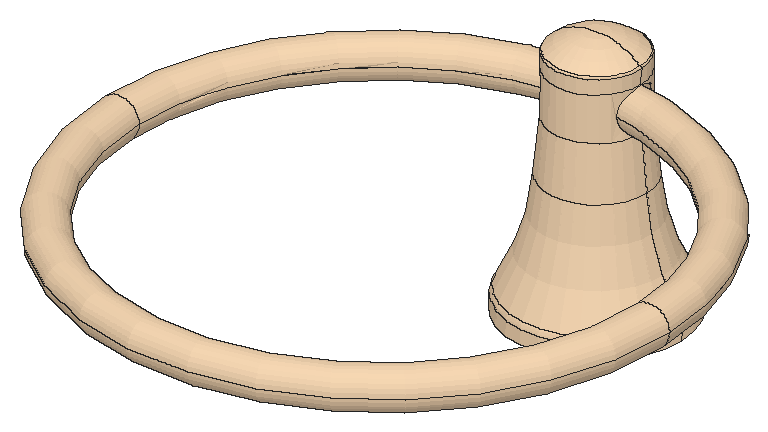
Revit family "Accessory-Towel_Ring-KOHLER-Tempered-K-21955_1", category Specialty Equipment, host Face, Revit 2022
Family settings
  Host = Face
  Round Connector Dimension = Use Diameter
  Part Type = Normal
  OmniClass Number = 23.31.25.25
  OmniClass Title = Towel Bars
  Cut with Voids When Loaded = No
  Maintain Annotation Orientation = No
  Shared = No
  Room Calculation Point = No
Parameters (values of type "2MB-Vibrant Brushed Moderne Brass")
  Width = 6 57/64"  # constant formula
  WaterSense Certified = 1 = 0  # no
  URL = "https://www.us.kohler.com/us/"
  Type = 1
  Product Page URL = "https://www.us.kohler.com/us/catalog/productDetails.jsp?productId=21955"
  Product Name = "Tempered"  # constant formula
  Product Documentation Link = "https://www.us.kohler.com/webassets/kpna/catalog/pdf/en/K-21955_spec_US-CA_Kohler_en.pdf"
  Model = if(Type = 1, "K-21955-2MB", if(Type = 2, "K-21955-BL", if(Type = 3, "K-21955-BN", if(Type = 4, "K-21955-CP", if(Type = 5, "K-21955-SN", "NA")))))  # "K-21955-2MB"
  Material = "Premium Metal Construction"  # constant formula
  Master Format 2014 Name = "Toilet, Bath, and Laundry Accessories"  # constant formula
  Master Format 2014 = "10 28 00"  # constant formula
  Manufacturer Address = "444 Highland Dr, Kohler, WI 53044"  # constant formula
  Manufacturer = "Kohler Co."  # constant formula
  Length = 2 127/128"  # constant formula
  Height = 7 133/256"  # constant formula
  Finish = Kohler-Metal-2MB-Vibrant_Brushed_Moderne_Brass
  Environmental Product Declaration = ""
  Description = "Towel Ring"  # constant formula
  Default Elevation = 42"
  Declare Label = ""
  Date Modified = "04/04/2022"  # constant formula
  Date Created = "04/04/2022"  # constant formula
  Copyright = "Copyright Kohler Co."  # constant formula
  Contact Us = "https://www.us.kohler.com/us/static/contact.jsp"
  Assembly Code = "C1030200"
  ADA Compliant = 1 = 0  # no
Types (6): name | Type | Model | Finish
  (no name) | 1 | "K-21955-2MB" | Kohler-Metal-2MB-Vibrant_Brushed_Moderne_Brass
  CP-Polished Chrome | 4 | "K-21955-CP" | Kohler-Metal-CP-Polished_Chrome
  SN-Vibrant Polished Nickel | 5 | "K-21955-SN" | Kohler-Metal-SN-Vibrant_Polished_Nickel
  BN-Vibrant Brushed Nickel | 3 | "K-21955-BN" | Kohler-Metal-BN-Vibrant_Brushed_Nickel
  BL-Matte Black | 2 | "K-21955-BL" | Kohler-Metal-BL-Matte_Black
  2MB-Vibrant Brushed Moderne Brass | 1 | "K-21955-2MB" | Kohler-Metal-2MB-Vibrant_Brushed_Moderne_Brass
Reference planes (in)
  plane 1 "Center (Front/Back)": y = 0
  plane 2: z = 0
  plane 3 "Center (Left/Right)": x = 0
  plane 4: x = -1.02362
  plane 5: x = 3.44488
  plane 6: y = -6.49606
  plane 7: x = 1.02362
  plane 8: x = -3.44574
  plane 9: z = 2.99219
  plane 10: y = 1.02347
  plane 11: y = -1.02362
Dimensions and locks (in)
  "Width": plane 8 to plane 5
  "Length": plane 9 to level
  "Height": plane 6 to plane 10
  aligned and locked: plane 2 to host face
  aligned and locked: level to host face
  aligned and locked: plane 3 "Center (Left/Right)" to nested 1
  aligned and locked: plane 1 "Center (Front/Back)" to nested 1
Automatic sketch dimensions
  host sketch curve to host sketch curve = 96"  (x2)
Nested families (in)
  nested 1: "K-21955" at (0, 0, 0), type "K-21955"
Definition of nested family "K-21955"
  Parameters (values of type "K-21955")
    Material = none
    Default Elevation = 0"
  Reference planes (in)
    plane 1 "Center (Front/Back)": y = 0
    plane 2: z = 0
    plane 3 "Center (Left/Right)": x = 0
    plane 4: x = -1.02362
    plane 5: x = 1.02362
    plane 6: x = -3.44488
    plane 7: x = 3.44488
    plane 8: y = -6.64216
    plane 9: y = 1.02362
    plane 10: z = 2.99213
    plane 11: y = -1.02362
  Forms (in)
    Revolve 1, solid, material <- "Material", detail levels medium+fine
      sketch origin (0, 0, 0) x (1, 0, 0) y (0, 0, 1)
        loop
          line (0, 2.99213) -> (0, 0) -> (1.02362, 0)
          arc (1.02362, 0) -> (1.02353, 0.08004) -> (1.01783, 0.15987) r 1.14356
          arc (1.01783, 0.15987) -> (1.00875, 0.20138) -> (0.9909, 0.23993) r 0.19495
          arc (0.9909, 0.23993) -> (0.72568, 0.82256) -> (0.60124, 1.4505) r 2.77083
          arc (0.60124, 1.4505) -> (0.57385, 1.76583) -> (0.54219, 2.08076) r 23.32082
          arc (0.54219, 2.08076) -> (0.52693, 2.34131) -> (0.53697, 2.60211) r 2.69187
          arc (0.53697, 2.60211) -> (0.54112, 2.68657) -> (0.53887, 2.77109) r 1.11586
          arc (0.53887, 2.77109) -> (0.53493, 2.78588) -> (0.52565, 2.79805) r 0.03937
          arc (0.52565, 2.79805) -> (0.28099, 2.9443) -> (0, 2.99213) r 0.77442
        axis (0, 2.99213) -> (0, 0)
      angle from 0 to 360
    Sweep 2, solid, material <- "Material", detail levels medium+fine
      path origin (0, 0, 0) x (1, 0, 0) y (0, 1, 0)
        loop
          circle (0, -3.20866) r 3.20866
      profile origin (0, 0, 0) x (0, -1, 0) y (0, 0, 1)
        loop
          circle (0, 2.34357) r 0.23622
    Revolve 3, solid, material <- "Material", detail levels coarse
      sketch origin (0, 0, 0) x (1, 0, 0) y (0, 0, 1)
        loop
          line (0, 0) -> (0, 2.99213) -> (-0.55041, 2.99213) -> (-0.55041, 2.79995) -> (-1.02362, 0.29002) -> (-1.02362, 0) -> (0, 0)
        axis (0, 2.99213) -> (0, 0)
      angle from 0 to 360
    Sweep 4, solid, material <- "Material", detail levels coarse
      path origin (0, 0, 0) x (1, 0, 0) y (0, 1, 0)
        loop
          circle (0, -3.20879) r 3.20879
      profile origin (0, 0, 0) x (0, -1, 0) y (0, 0, 1)
        loop
          circle (0, 2.3418) r 0.23622
    Revolve 5, void
      sketch origin (0, 0, 0) x (1, 0, 0) y (0, 0, 1)
        loop
          line (-0.24037, 2.34362) -> (-0.24037, 2.59869) -> (-0.63407, 2.59869) -> (-0.63407, 2.34362) -> (-0.24037, 2.34362)
        loop
          line (0.24037, 2.34362) -> (0.63407, 2.34362) -> (0.63407, 2.59869) -> (0.24037, 2.59869) -> (0.24037, 2.34362)
        axis (-0.63407, 2.34362) -> (0.63407, 2.34362)
      angle from 0 to 360
  Cuts and joins
    Revolve 5 cuts Revolve 1
    joined: Revolve 1, Sweep 2
    joined: Revolve 3, Sweep 4
  Lines and regions (in)
    Masking region 1
      outline origin (0, 0, 0) x (0, 1, 0) y (0, 0, 1)
        loop
          arc (1.02362, 0) -> (1.02344, 0.07525) -> (1.01734, 0.15025) r 0.95603
          arc (1.01734, 0.15025) -> (1.0085, 0.18081) -> (0.99257, 0.20835) r 0.13143
          arc (0.99257, 0.20835) -> (0.9501, 0.27202) -> (0.91517, 0.34011) r 0.66912
          arc (0.91517, 0.34011) -> (0.64467, 1.16999) -> (0.54719, 2.03739) r 4.30305
          arc (0.54719, 2.03739) -> (0.54526, 2.3954) -> (0.54683, 2.75341) r 36.54882
          arc (0.54683, 2.75341) -> (0.53913, 2.7881) -> (0.51697, 2.81588) r 0.07874
          arc (0.51697, 2.81588) -> (0.00001, 2.99213) -> (-0.51235, 2.8029) r 0.81617
          arc (-0.51235, 2.8029) -> (-0.53212, 2.7781) -> (-0.5405, 2.74752) r 0.07874
          arc (-0.5405, 2.74752) -> (-0.54381, 2.66276) -> (-0.54274, 2.57793) r 1.64189
          line (-0.54274, 2.57793) -> (-6.40545, 2.57793)
          arc (-6.40545, 2.57793) -> (-6.64152, 2.34185) -> (-6.40545, 2.10578) r 0.23608
          line (-6.40545, 2.10578) -> (-0.54719, 2.10578) -> (-0.54719, 2.06702)
          arc (-0.54719, 2.06702) -> (-0.64467, 1.19963) -> (-0.91517, 0.36975) r 4.30305
          arc (-0.91517, 0.36975) -> (-0.9501, 0.30165) -> (-0.99257, 0.23799) r 0.66912
          arc (-0.99257, 0.23799) -> (-1.0085, 0.21045) -> (-1.01734, 0.17988) r 0.13143
          arc (-1.01734, 0.17988) -> (-1.02414, 0.09007) -> (-1.02362, 0) r 1.10708
          line (-1.02362, 0) -> (1.02362, 0)
    Masking region 2
      outline origin (0, 0, 0) x (1, 0, 0) y (0, 1, 0)
        loop
          arc (-0.95371, -0.37589) -> (-0.00994, -6.15746) -> (0.93384, -0.37589) r 2.96781
          arc (0.93384, -0.37589) -> (-0.00994, -1.02518) -> (-0.95371, -0.37589) r 1.01056
        loop
          arc (-1.01846, 0.11006) -> (-0.00083, -6.64216) -> (1.01681, 0.11006) r 3.4528
          arc (1.01681, 0.11006) -> (-0.00083, 1.02862) -> (-1.01846, 0.11006) r 1.02298
    Masking region 3
      outline origin (-0.00044, 0, 0) x (1, 0, 0) y (0, 0, 1)
        loop
          arc (1.02362, 0) -> (1.02406, 0.08813) -> (1.01388, 0.17568) r 0.7307
          arc (1.01388, 0.17568) -> (1.0039, 0.21295) -> (0.98772, 0.24798) r 0.22584
          arc (0.98772, 0.24798) -> (0.72781, 0.84807) -> (0.60444, 1.49029) r 2.99292
          arc (0.60444, 1.49029) -> (0.57646, 1.79958) -> (0.54235, 2.10825) r 15.67692
          line (0.54235, 2.10825) -> (3.20995, 2.10825)
          arc (3.20995, 2.10825) -> (3.44532, 2.34362) -> (3.20995, 2.57898) r 0.23537
          line (3.20995, 2.57898) -> (0.53838, 2.57898) -> (0.53838, 2.75342)
          arc (0.53838, 2.75342) -> (0.52748, 2.79877) -> (0.49715, 2.83422) r 0.09979
          arc (0.49715, 2.83422) -> (0.2613, 2.95324) -> (0, 2.99213) r 0.83004
          arc (0, 2.99213) -> (-0.2613, 2.95324) -> (-0.49715, 2.83422) r 0.83004
          arc (-0.49715, 2.83422) -> (-0.52748, 2.79877) -> (-0.53838, 2.75342) r 0.09979
          line (-0.53838, 2.75342) -> (-0.53838, 2.57898) -> (-3.20908, 2.57898)
          arc (-3.20908, 2.57898) -> (-3.44445, 2.34362) -> (-3.20908, 2.10825) r 0.23537
          line (-3.20908, 2.10825) -> (-0.54235, 2.10825)
          arc (-0.54235, 2.10825) -> (-0.57646, 1.79958) -> (-0.60444, 1.49029) r 15.67692
          arc (-0.60444, 1.49029) -> (-0.72781, 0.84807) -> (-0.98772, 0.24798) r 2.99292
          arc (-0.98772, 0.24798) -> (-1.0039, 0.21295) -> (-1.01388, 0.17568) r 0.22584
          arc (-1.01388, 0.17568) -> (-1.02254, 0.08805) -> (-1.02362, 0) r 1.02111
          line (-1.02362, 0) -> (1.02362, 0)
    symbolic lines, detail levels medium+fine
      curve 1: line (0, 0.97149, 0.23799) -> (0, -0.99257, 0.23799)
      curve 2: circle (0, 0, 0) r 0.55041 normal (0, 0, 1)
      curve 3: arc (-0.91787, 0.13942, 0) -> (0.00545, 0.94245, 0) -> (0.92665, 0.13699, 0) r 0.93092
      curve 4: arc (-0.864, -0.34738, 0) -> (0.00007, -0.94244, 0) -> (0.86942, -0.3551, 0) r 0.93092
      curve 5: line (0.53257, 0, 2.7857) -> (-0.53345, 0, 2.7857)
      curve 6: line (0.99287, 0, 0.23756) -> (-0.99374, 0, 0.23756)
      curve 7: line (0, 0.54683, 2.75341) -> (0, -0.54011, 2.75341)
      curve 8: line (0, -0.54011, 2.5799) -> (0, -0.0074, 2.5799)
      curve 9: line (0, -0.54719, 2.10746) -> (0, -0.0074, 2.10746)
      curve 10: arc (0, -0.0074, 2.5799) -> (0, 0.22882, 2.34368) -> (0, -0.0074, 2.10746) r 0.23622
      curve 11: arc (-0.50144, 0.22695, 0) -> (-0.7622, 0.17844, 0) -> (-1.01846, 0.11006, 0) r 3.4528
      curve 12: arc (-0.95371, -0.37589, 0) -> (-0.72175, -0.30846, 0) -> (-0.48507, -0.26011, 0) r 2.96781
      curve 13: arc (0.50144, 0.22695, 0) -> (0.7622, 0.17844, 0) -> (1.01846, 0.11006, 0) r 3.4528
      curve 14: arc (0.93384, -0.37589, 0) -> (0.71084, -0.31069, 0) -> (0.48344, -0.26313, 0) r 2.96781
      curve 15: arc (0, -0.09607, 2.5799) -> (0, 0.25507, 2.34343) -> (0, -0.09641, 2.10746) r 0.25507
      curve 16: arc (-0.53882, 0, 2.57898) -> (-0.40155, 0, 2.34244) -> (-0.54279, 0, 2.10825) r 0.26854
      curve 17: arc (0.53882, 0, 2.57898) -> (0.40155, 0, 2.34244) -> (0.54279, 0, 2.10825) r 0.26854
  Dimensions and locks (in)
    plane 8 to plane 9 = 7.66578"
    plane 4 to plane 5 = 2.04724"
    plane 11 to plane 9 = 2.04724"
    plane 6 to plane 7 = 6.88976"
    aligned and locked: level to plane 2
